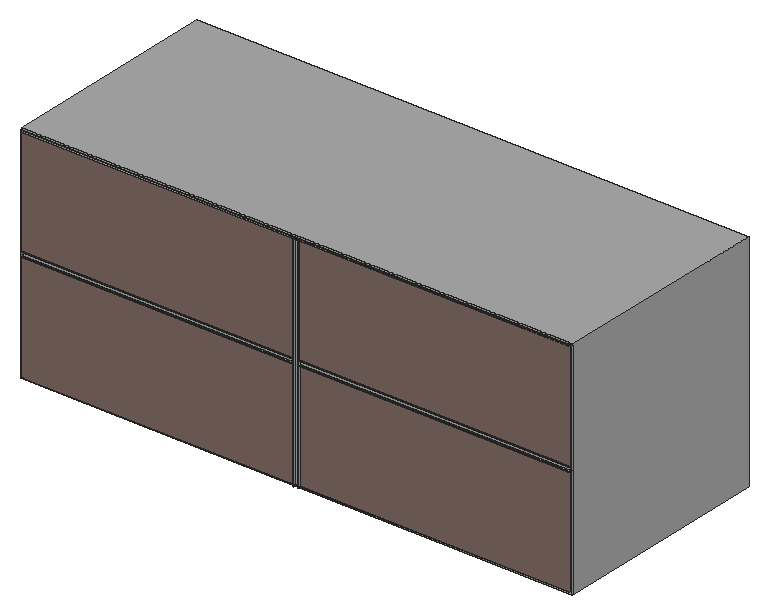
Revit family "vanity unit-hansgrohe-54241XXX-Xevolos E Vanity unit Slate Matt Grey 1370_550 with 4 drawers for consoles with countertop basin ground right", category Furniture, Revit 2019 (continued)
Types (6, lengths in mm): name | SURFACE | NB | Model | MIdent | LODLEVEL | LINA | IDNR | ARTNR | 54241770-SLATE_MATT_GREY-METALLIC_SLATE_GREY-400_RX0RY0RZ0TX0TY0TZ0_V | 54241770-SLATE_MATT_GREY-METALLIC_SLATE_GREY-200_RX0RY0RZ0TX0TY0TZ0_V | 54241730-SLATE_MATT_GREY-DARK_OAK-400_RX0RY0RZ0TX0TY0TZ0_V | 54241730-SLATE_MATT_GREY-DARK_OAK-200_RX0RY0RZ0TX0TY0TZ0_V | 54241390-SLATE_MATT_GREY-PATTEREND_BRONZE-400_RX0RY0RZ0TX0TY0TZ0_V | 54241390-SLATE_MATT_GREY-PATTEREND_BRONZE-200_RX0RY0RZ0TX0TY0TZ0_V
  54241730-SLATE_MATT_GREY-DARK_OAK-200 | "DARK_OAK" | "54241730-SLATE_MATT_GREY-DARK_OAK-200" | "54241730-SLATE_MATT_GREY-DARK_OAK-200" | "{$CADENAS_DATA/23d-libs/hansgrohe/xevolos_furniture/e_vanity_unit_4drawers_consoles_countertop_basin/vanity_unit_4drawers_consoles_countertop_basin.prj},285 {VTYP=3D},{NB=54241730-SLATE_MATT_GREY-DARK_OAK-200},{LINA=54241730-SLATE_MATT_GREY-DARK_OAK-200},{NN=Vanity unit with 4 drawers for consoles with countertop basin ground},{DATE=13.03.2023 11:56:00},{GEOMDATE=12.03.2023 06:43:00},{VERSION=},{LINEID=170},{WBVAR=LODLEVEL},{WBNUMERIC=}  {NB=54241730-SLATE_MATT_GREY-DARK_OAK-200},{LINA=54241730-SLATE_MATT_GREY-DARK_OAK-200},{KT=DUMMY},{IDNR=17},{ARTNR=54241730},{BASENUMBER=54241},{MODEL=54241XXX},{OBERFLAECHE=SLATE_MATT_GREY},{SURFACE=DARK_OAK},{L=1370},{CTP=R},{LODLEVEL=200},{LODLEVELX='400','400','200','200'},{NAME=Xevolos E Vanity unit Slate Matt Grey 1370/550 with 4 drawers for consoles with countertop basin ground right},{PERMALINK=54241XXX},{OBJECTTYPE=Object (single object)},{BIMOBJECT=Sanitary: Compound units},{COLLECTIONSET=Xevolos E},{COLLECTION=vanity unit},{WEIGHT=86.7},{DESCRIPTION=Xevolos E Vanity unit Slate Matt Grey 1370/550 with 4 drawers for consoles with countertop basin ground right},{PRODUCTURL=https://pro.hansgrohe.com/articledetail--54241390},{GTINCODE=0},{TENDERURL=0},{IFC=Furnishing element},{ETIM=EC011381 | Bathroom furniture set},{UNICLASS2015=Pr_40_30_78_05 | Bathroom furniture},{OMNICLASS=23-21 19 15 33 13 | Residential Bathroom Specialty Casework},{MASTERFORMAT=12 35 30.23 | Bathroom Casework},{UNSPSC=56 | Furniture and Furnishings},{UNIFORMATII=E2010 | Fixed Furnishings},{REGION=Worldwide},{DESIGN=Germany},{MANUFACTURER=Germany}" | "200" | "54241730-SLATE_MATT_GREY-DARK_OAK-200" | 17 | "54241730" | no | no | no | yes | no | no
  54241730-SLATE_MATT_GREY-DARK_OAK-400 | "DARK_OAK" | "54241730-SLATE_MATT_GREY-DARK_OAK-400" | "54241730-SLATE_MATT_GREY-DARK_OAK-400" | "{$CADENAS_DATA/23d-libs/hansgrohe/xevolos_furniture/e_vanity_unit_4drawers_consoles_countertop_basin/vanity_unit_4drawers_consoles_countertop_basin.prj},285 {VTYP=3D},{NB=54241730-SLATE_MATT_GREY-DARK_OAK-400},{LINA=54241730-SLATE_MATT_GREY-DARK_OAK-400},{NN=Vanity unit with 4 drawers for consoles with countertop basin ground},{DATE=13.03.2023 11:56:00},{GEOMDATE=12.03.2023 06:43:00},{VERSION=},{LINEID=170},{WBVAR=LODLEVEL},{WBNUMERIC=}  {NB=54241730-SLATE_MATT_GREY-DARK_OAK-400},{LINA=54241730-SLATE_MATT_GREY-DARK_OAK-400},{KT=DUMMY},{IDNR=17},{ARTNR=54241730},{BASENUMBER=54241},{MODEL=54241XXX},{OBERFLAECHE=SLATE_MATT_GREY},{SURFACE=DARK_OAK},{L=1370},{CTP=R},{LODLEVEL=400},{LODLEVELX='400','400','200','200'},{NAME=Xevolos E Vanity unit Slate Matt Grey 1370/550 with 4 drawers for consoles with countertop basin ground right},{PERMALINK=54241XXX},{OBJECTTYPE=Object (single object)},{BIMOBJECT=Sanitary: Compound units},{COLLECTIONSET=Xevolos E},{COLLECTION=vanity unit},{WEIGHT=86.7},{DESCRIPTION=Xevolos E Vanity unit Slate Matt Grey 1370/550 with 4 drawers for consoles with countertop basin ground right},{PRODUCTURL=https://pro.hansgrohe.com/articledetail--54241390},{GTINCODE=0},{TENDERURL=0},{IFC=Furnishing element},{ETIM=EC011381 | Bathroom furniture set},{UNICLASS2015=Pr_40_30_78_05 | Bathroom furniture},{OMNICLASS=23-21 19 15 33 13 | Residential Bathroom Specialty Casework},{MASTERFORMAT=12 35 30.23 | Bathroom Casework},{UNSPSC=56 | Furniture and Furnishings},{UNIFORMATII=E2010 | Fixed Furnishings},{REGION=Worldwide},{DESIGN=Germany},{MANUFACTURER=Germany}" | "400" | "54241730-SLATE_MATT_GREY-DARK_OAK-400" | 17 | "54241730" | no | no | yes | no | no | no
  54241770-SLATE_MATT_GREY-METALLIC_SLATE_GREY-200 | "METALLIC_SLATE_GREY" | "54241770-SLATE_MATT_GREY-METALLIC_SLATE_GREY-200" | "54241770-SLATE_MATT_GREY-METALLIC_SLATE_GREY-200" | "{$CADENAS_DATA/23d-libs/hansgrohe/xevolos_furniture/e_vanity_unit_4drawers_consoles_countertop_basin/vanity_unit_4drawers_consoles_countertop_basin.prj},307 {VTYP=3D},{NB=54241770-SLATE_MATT_GREY-METALLIC_SLATE_GREY-200},{LINA=54241770-SLATE_MATT_GREY-METALLIC_SLATE_GREY-200},{NN=Vanity unit with 4 drawers for consoles with countertop basin ground},{DATE=13.03.2023 11:56:00},{GEOMDATE=12.03.2023 06:43:00},{VERSION=},{LINEID=180},{WBVAR=LODLEVEL},{WBNUMERIC=}  {NB=54241770-SLATE_MATT_GREY-METALLIC_SLATE_GREY-200},{LINA=54241770-SLATE_MATT_GREY-METALLIC_SLATE_GREY-200},{KT=DUMMY},{IDNR=18},{ARTNR=54241770},{BASENUMBER=54241},{MODEL=54241XXX},{OBERFLAECHE=SLATE_MATT_GREY},{SURFACE=METALLIC_SLATE_GREY},{L=1370},{CTP=R},{LODLEVEL=200},{LODLEVELX='400','400','200','200'},{NAME=Xevolos E Vanity unit Slate Matt Grey 1370/550 with 4 drawers for consoles with countertop basin ground right},{PERMALINK=54241XXX},{OBJECTTYPE=Object (single object)},{BIMOBJECT=Sanitary: Compound units},{COLLECTIONSET=Xevolos E},{COLLECTION=vanity unit},{WEIGHT=86.7},{DESCRIPTION=Xevolos E Vanity unit Slate Matt Grey 1370/550 with 4 drawers for consoles with countertop basin ground right},{PRODUCTURL=https://pro.hansgrohe.com/articledetail--54241390},{GTINCODE=0},{TENDERURL=0},{IFC=Furnishing element},{ETIM=EC011381 | Bathroom furniture set},{UNICLASS2015=Pr_40_30_78_05 | Bathroom furniture},{OMNICLASS=23-21 19 15 33 13 | Residential Bathroom Specialty Casework},{MASTERFORMAT=12 35 30.23 | Bathroom Casework},{UNSPSC=56 | Furniture and Furnishings},{UNIFORMATII=E2010 | Fixed Furnishings},{REGION=Worldwide},{DESIGN=Germany},{MANUFACTURER=Germany}" | "200" | "54241770-SLATE_MATT_GREY-METALLIC_SLATE_GREY-200" | 18 | "54241770" | no | yes | no | no | no | no
  54241770-SLATE_MATT_GREY-METALLIC_SLATE_GREY-400 | "METALLIC_SLATE_GREY" | "54241770-SLATE_MATT_GREY-METALLIC_SLATE_GREY-400" | "54241770-SLATE_MATT_GREY-METALLIC_SLATE_GREY-400" | "{$CADENAS_DATA/23d-libs/hansgrohe/xevolos_furniture/e_vanity_unit_4drawers_consoles_countertop_basin/vanity_unit_4drawers_consoles_countertop_basin.prj},307 {VTYP=3D},{NB=54241770-SLATE_MATT_GREY-METALLIC_SLATE_GREY-400},{LINA=54241770-SLATE_MATT_GREY-METALLIC_SLATE_GREY-400},{NN=Vanity unit with 4 drawers for consoles with countertop basin ground},{DATE=13.03.2023 11:56:00},{GEOMDATE=12.03.2023 06:43:00},{VERSION=},{LINEID=180},{WBVAR=LODLEVEL},{WBNUMERIC=}  {NB=54241770-SLATE_MATT_GREY-METALLIC_SLATE_GREY-400},{LINA=54241770-SLATE_MATT_GREY-METALLIC_SLATE_GREY-400},{KT=DUMMY},{IDNR=18},{ARTNR=54241770},{BASENUMBER=54241},{MODEL=54241XXX},{OBERFLAECHE=SLATE_MATT_GREY},{SURFACE=METALLIC_SLATE_GREY},{L=1370},{CTP=R},{LODLEVEL=400},{LODLEVELX='400','400','200','200'},{NAME=Xevolos E Vanity unit Slate Matt Grey 1370/550 with 4 drawers for consoles with countertop basin ground right},{PERMALINK=54241XXX},{OBJECTTYPE=Object (single object)},{BIMOBJECT=Sanitary: Compound units},{COLLECTIONSET=Xevolos E},{COLLECTION=vanity unit},{WEIGHT=86.7},{DESCRIPTION=Xevolos E Vanity unit Slate Matt Grey 1370/550 with 4 drawers for consoles with countertop basin ground right},{PRODUCTURL=https://pro.hansgrohe.com/articledetail--54241390},{GTINCODE=0},{TENDERURL=0},{IFC=Furnishing element},{ETIM=EC011381 | Bathroom furniture set},{UNICLASS2015=Pr_40_30_78_05 | Bathroom furniture},{OMNICLASS=23-21 19 15 33 13 | Residential Bathroom Specialty Casework},{MASTERFORMAT=12 35 30.23 | Bathroom Casework},{UNSPSC=56 | Furniture and Furnishings},{UNIFORMATII=E2010 | Fixed Furnishings},{REGION=Worldwide},{DESIGN=Germany},{MANUFACTURER=Germany}" | "400" | "54241770-SLATE_MATT_GREY-METALLIC_SLATE_GREY-400" | 18 | "54241770" | yes | no | no | no | no | no
